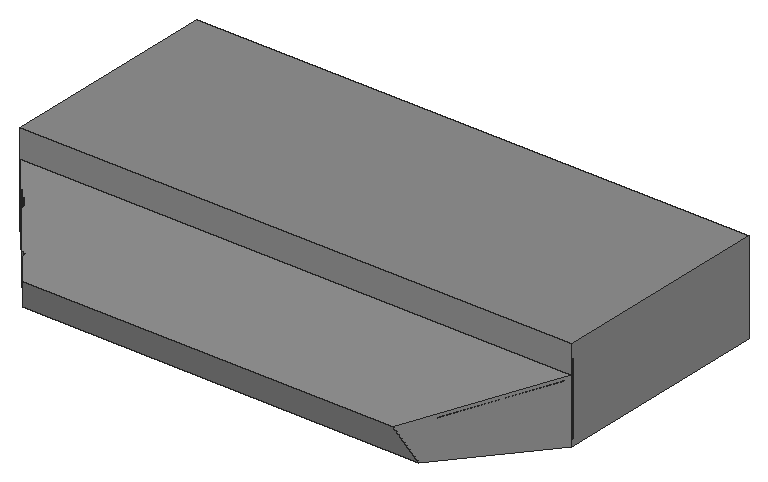
Revit family "QF_Summit_HSHELL30PL_Shell Hood", category Specialty Equipment, Revit 2020
Family settings
  Round Connector Dimension = Use Diameter
  Part Type = Normal
  Work Plane-Based = No
  Always vertical = Yes
  Cut with Voids When Loaded = No
  Shared = No
  Room Calculation Point = No
Parameters
  Weight in Pounds = 10
  URL Cutsheet = ""
  Specification by User = ""
  Specification by Manufacturer = ""
  Serial Number = ""
  Seismic Rating = ""
  SMACNA No = ""
  Revision Code = ""
  NAFEM Spec ID Number = ""
  Model = "HSHELL30WH"
  Masterspec = ""
  Manufacturer = "Summit"
  Length = 30"
  Item Number = ""
  Installed By = ""
  Identify Quantity as Lot = yes
  Height = 5"
  Furnished By = ""
  Foodservice Equipment Identifier = yes
  Description = "30\" Shell Hood"
  Depth = 18"
  Default Elevation = 0"
  CSI MasterFormat = ""
Reference planes (in)
  plane 1 "BACK": y = 0
  plane 2: z = 0
  plane 3 "LEFT": x = 0
  plane 4 "RIGHT": x = 30
  plane 5 "FRONT": y = -18
  plane 6 "TOP": z = 5
  plane 7 "Center Y": x = 15
  plane 8 "Center X": y = -9
  plane 9: z = 3.5
  plane 10: y = -12
  plane 11: z = 1.875
  plane 12: x = 4.9375
  plane 13: x = 25.0625
Forms (in)
  Extrusion 1, solid, material "QF_Paint_Gray"
    sketch origin (0, 0, 0) x (1, 0, 0) y (0, 1, 0)
      loop
        line (0, 0) -> (0, -12) -> (30, -12) -> (30, 0) -> (0, 0)
    from 0 to 5
  Extrusion 2, solid, material "QF_Paint_Gray"
    sketch origin (20, 0, 0) x (0, 1, 0) y (0, 0, 1)
      loop
        line (-18, 1.875) -> (-17.12567, 0) -> (-12, 0) -> (-12, 3.5) -> (-18, 1.875)
    from -20 to 10
  Extrusion 3, void
    sketch origin (0, 0, 0) x (1, 0, 0) y (0, 1, 0)
      loop
        line (0, -12) -> (-0.1875, -12) -> (-0.1875, -18.25) -> (4.9375, -18.25) -> (4.9375, -18) -> (0, -12)
      loop
        line (30, -12) -> (25.0625, -18) -> (25.0625, -18.25) -> (30.1875, -18.25) -> (30.1875, -12) -> (30, -12)
    from 0 to 3.5
  Blend 4, void
    base sketch origin (0, -2, 0) x (0, -1, 0) y (0, 0, -1)
      loop
        line (9.75, -4.75) -> (9.75, -0.25) -> (-1.75, -0.25) -> (-1.75, -4.75) -> (9.75, -4.75)
    top sketch origin (0, -2, 0) x (0, -1, 0) y (0, 0, -1)
      loop
        line (9.625, -4.625) -> (9.625, -0.375) -> (-1.625, -0.375) -> (-1.625, -4.625) -> (9.625, -4.625)
    from 0 to 0.08017
  Blend 5, void
    base sketch origin (0, -12, 0) x (-0.635425, 0.772162, 0) y (0, 0, 1)
      loop
        line (-7.37414, 1.70246) -> (-6.497, 0.25) -> (-0.25, 0.25) -> (-0.25, 3.19231) -> (-7.37414, 1.70246)
    top sketch origin (0, -12, 0) x (-0.635425, 0.772162, 0) y (0, 0, 1)
      loop
        line (-7.28514, 1.65857) -> (-6.47224, 0.3125) -> (-0.3125, 0.3125) -> (-0.3125, 3.11674) -> (-7.28514, 1.65857)
    from 0 to 0.08636
  Blend 6, void
    base sketch origin (29.875, -2, 0) x (0, -1, 0) y (0, 0, 1)
      loop
        line (9.75, 4.75) -> (-1.75, 4.75) -> (-1.75, 0.25) -> (9.75, 0.25) -> (9.75, 4.75)
    top sketch origin (29.875, -2, 0) x (0, -1, 0) y (0, 0, 1)
      loop
        line (9.625, 4.625) -> (-1.625, 4.625) -> (-1.625, 0.375) -> (9.625, 0.375) -> (9.625, 4.625)
    from 0 to 0.08017
  Blend 7, void
    base sketch origin (29.875, -12, 0) x (0.635425, 0.772162, 0) y (0, 0, -1)
      loop
        line (-7.37414, -1.70246) -> (-0.25, -3.19231) -> (-0.25, -0.25) -> (-6.497, -0.25) -> (-7.37414, -1.70246)
    top sketch origin (29.875, -12, 0) x (0.635425, 0.772162, 0) y (0, 0, -1)
      loop
        line (-7.28514, -1.65857) -> (-0.3125, -3.11674) -> (-0.3125, -0.3125) -> (-6.47224, -0.3125) -> (-7.28514, -1.65857)
    from 0 to 0.08636
Cuts and joins
  Extrusion 3, Blend 5, Blend 7 cuts Extrusion 2
  Blend 4, Blend 5, Blend 6 cuts Extrusion 1
Lines and regions (in)
  symbolic lines
    curve 1: line (0, 0, 0) -> (0, -12, 0)
    curve 2: line (0, -12, 0) -> (30, -12, 0)
    curve 3: line (30, -12, 0) -> (30, 0, 0)
    curve 4: line (30, 0, 0) -> (0, 0, 0)
    curve 5: line (0, -12, 0) -> (4.9375, -18, 0)
    curve 6: line (4.9375, -18, 0) -> (25.0625, -18, 0)
    curve 7: line (25.0625, -18, 0) -> (30, -12, 0)
Dimensions and locks (in)
  equal spacing: plane 3 "LEFT", plane 7 "Center Y", plane 4 "RIGHT"
  "Length": plane 3 "LEFT" to plane 4 "RIGHT"
  equal spacing: plane 5 "FRONT", plane 8 "Center X", plane 1 "BACK"
  "Depth": plane 5 "FRONT" to plane 1 "BACK"
  "Height": plane 6 "TOP" to level
  plane 9 to level = 3 1/2"
  plane 10 to plane 1 "BACK" = 12"
  plane 5 "FRONT" to plane 1 "BACK" = 18"
  locked: plane 4 "RIGHT" to plane 13 at 4.9375
  plane 4 "RIGHT" to plane 3 "LEFT" = 30"
  aligned and locked: level to plane 2
  aligned and locked: plane 6 "TOP" to Extrusion 1
  aligned and locked: Extrusion 2 to plane 3 "LEFT"
  aligned and locked: plane 9 to Extrusion 3
  aligned and locked: cut or joined group of Extrusion 2, Extrusion 3, Blend 5, Blend 7 to plane 4 "RIGHT"
Automatic sketch dimensions
  plane 1 "BACK" to curve 1 = 0"
  curve 1 to plane 3 "LEFT" = 0"
  plane 5 "FRONT" to curve 6 = 0"
  curve 6 to plane 12 = 0"
  curve 6 to plane 13 = 0"
  curve 3 to plane 4 "RIGHT" = 0"
  plane 10 to curve 2 = 0"
  Extrusion 1 sketch curve to plane 3 "LEFT" = 0"
  Extrusion 1 sketch curve to plane 4 "RIGHT" = 0"
  plane 10 to Extrusion 1 sketch curve = 0"
  plane 1 "BACK" to Extrusion 1 sketch curve = 0"
  Extrusion 2 sketch curve to plane 5 "FRONT" = 0"
  Extrusion 2 sketch curve to level = 0"
  Extrusion 2 sketch curve to plane 10 = 0"
  plane 11 to Extrusion 2 sketch curve = 0"
  Extrusion 2 sketch curve to plane 9 = 0"
  Extrusion 2 sketch curve to plane 5 "FRONT" = 0.87433"
  plane 10 to Extrusion 3 sketch curve = 0"  (x2)
  Extrusion 3 sketch curve to plane 3 "LEFT" = 0"
  Extrusion 3 sketch curve to plane 12 = 0"
  Extrusion 3 sketch curve to plane 13 = 0"
  Extrusion 3 sketch curve to plane 4 "RIGHT" = 0"
  plane 5 "FRONT" to Extrusion 3 sketch curve = 0"  (x2)
  Extrusion 3 sketch curve to plane 3 "LEFT" = 3/16"
  Extrusion 3 sketch curve to Extrusion 3 sketch curve = 3/16"
  plane 5 "FRONT" to Extrusion 3 sketch curve = 1/4"  (x2)
  Blend 4 sketch curve to Extrusion 1 = 1/4"  (x3)
  Extrusion 1 to Blend 4 sketch curve = 1/4"
  Blend 4 sketch curve to Extrusion 1 = 3/8"  (x3)
  Extrusion 1 to Blend 4 sketch curve = 3/8"
  Extrusion 3 to Blend 5 sketch curve = 0.39625"
  Blend 5 sketch curve to Extrusion 3 = 1/4"
  Extrusion 3 to Blend 5 sketch curve = 1.27339"
  Extrusion 3 to Blend 5 sketch curve = 1/4"
  Blend 5 sketch curve to Blend 5 sketch curve = 1.45246"
  Blend 5 sketch curve to Extrusion 3 = 0.30769"
  Extrusion 3 to Blend 5 sketch curve = 0.48525"
  Blend 5 sketch curve to Extrusion 3 = 5/16"
  Extrusion 3 to Blend 5 sketch curve = 1.29814"
  Extrusion 3 to Blend 5 sketch curve = 5/16"
  Blend 5 sketch curve to Blend 5 sketch curve = 1.34607"
  Blend 5 sketch curve to Extrusion 3 = 0.38326"
  plane 1 "BACK" to Blend 6 sketch curve = 1/4"
  Blend 6 sketch curve to plane 10 = 1/4"
  level to Blend 6 sketch curve = 1/4"
  Blend 6 sketch curve to plane 6 "TOP" = 1/4"
  plane 1 "BACK" to Blend 6 sketch curve = 3/8"
  Blend 6 sketch curve to plane 10 = 3/8"
  level to Blend 6 sketch curve = 3/8"
  Blend 6 sketch curve to plane 6 "TOP" = 3/8"
  plane 11 to Blend 7 sketch curve = 0.17254"
  level to Blend 7 sketch curve = 1/4"
  Blend 7 sketch curve to Blend 7 sketch curve = 0.87714"
  Blend 7 sketch curve to Blend 7 sketch curve = 6.247"
  Blend 7 sketch curve to plane 9 = 0.30769"
  plane 11 to Blend 7 sketch curve = 0.21643"
  level to Blend 7 sketch curve = 5/16"
  Blend 7 sketch curve to Blend 7 sketch curve = 0.81289"
  Blend 7 sketch curve to Blend 7 sketch curve = 6.15974"
  Blend 7 sketch curve to plane 9 = 0.38326"
